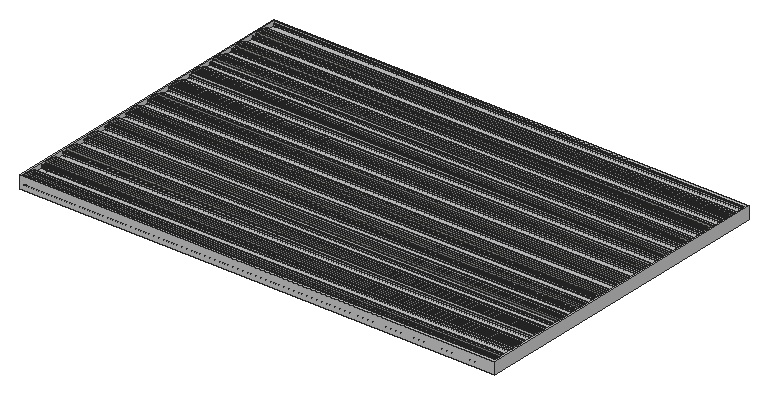
Revit family "Flooring_Entrance_Fuma_TopCleanTrend-Mit-Rips-Und-Bürstenproifl_DE", category Allgemeines Modell, Revit 2018 (continued)
Definition of nested family "Cassette Brush"
  Automatic sketch dimensions
    curve 25 to curve 26 = 0 mm  (x2)
    curve 39 to curve 38 = 0 mm  (x2)
    curve 26 to curve 27 = 0 mm  (x2)
    curve 38 to curve 37 = 0 mm  (x2)
    curve 27 to curve 28 = 0 mm  (x2)
    curve 36 to curve 42 = 0 mm  (x2)
    curve 29 to curve 36 = 0 mm
    curve 29 to curve 35 = 0 mm
    curve 30 to curve 36 = 0 mm  (x2)
    curve 35 to curve 34 = 0 mm  (x2)
    curve 31 to curve 30 = 0 mm  (x2)
    curve 34 to curve 33 = 0 mm  (x2)
    curve 32 to curve 31 = 0 mm
    curve 32 to curve 32 = 3.8 mm
    curve 32 to curve 30 = 0 mm
    curve 33 to curve 32 = 0 mm
    curve 29 to curve 33 = 0 mm
    curve 28 to curve 28 = 3.8 mm
    curve 37 to curve 37 = 3.8 mm
    curve 28 to curve 22 = 0 mm
    Extrusion 3 sketch curve to plane 5 = 0 mm
    plane 5 to Extrusion 3 sketch curve = 0.643 mm
    plane 1 "Center (Front/Back)" to Extrusion 3 sketch curve = 11.986 mm
    Extrusion 3 sketch curve to plane 4 = 0.603 mm
    Extrusion 3 sketch curve to plane 4 = 0.63 mm
    Extrusion 3 sketch curve to plane 1 "Center (Front/Back)" = 11.384 mm
    Extrusion 3 sketch curve to Extrusion 3 sketch curve = 0.581 mm
Types (4, lengths in mm): name | Grosse Denier | Feine Leugner | Tiefen Teppich | Rahmenhöhe | Dicke des Teppichs | Entfernungsprofil
  Teppichlänge 10 mm | yes | no | 2.8 | 15 | 10 | 10.2
  Teppichlänge 27 mm | no | yes | 5 | 30 | 27 | 23
  Teppichlänge 22 mm | yes | no | 5 | 25 | 22 | 18
  Teppichlänge 17 mm | yes | no | 3 | 20 | 17 | 13.5
